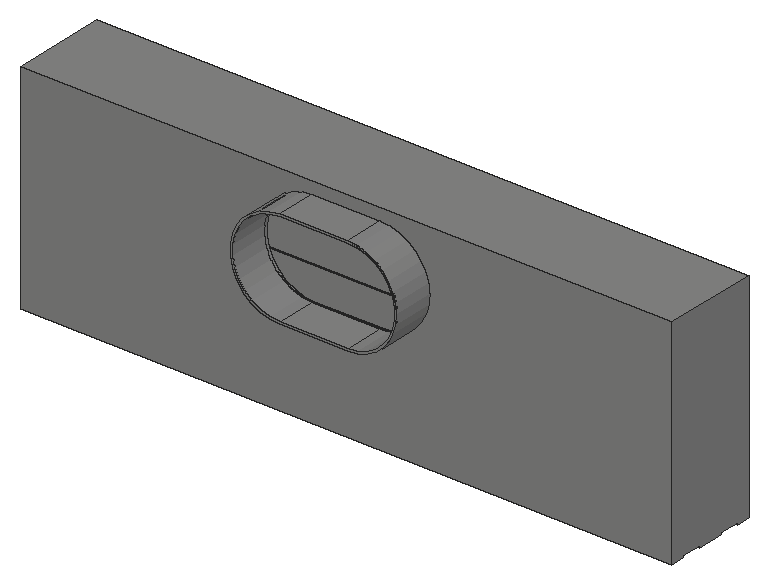
Revit family "Diffuser-Carnes-DASD-w-Center _T-2_Slot", category Duct Accessories, host Face, Revit 2012
Parameters (values of type "See Type Catalog")
  Supply Connector = yes
  Supply Connection = "Diffuser Supply Connector"  # constant formula
  Subcatagory = "Air Distribution"  # constant formula
  Specification Sheet = "http://www.carnes.com/AirDistribution/pdf/18643.pdf"
  Product Page URL = "http://www.carnes.com/AirDistribution/dasd.phtml"
  Half Inlet Width = Inlet Nominal Size Width / 2  # 3"
  Length = 24"
  Flow = 0 CFM
  Duct Width = Inlet Nominal Size Width  # 6"
  Duct Height = Inlet Nominal Size Height D  # 3 1/2"
  Description = "Plenum Slot Diffusers"  # constant formula
  Depth = (Slot Opening A * 2) + 2"  # 3 1/2"
  Height C = 8"
  URL = "http://www.carnes.com/"
  Model = "DASD"  # constant formula
  Unit = Metal - Carnes - Steel Galvanized
  Manufacturer = "CARNES COMPANY"  # constant formula
  Default Elevation = 0"
  Inlet Nominal Size Height D = if(Inlet Nominal Size Width > 6", 5 1/4", 3 1/2")  # 3 1/2"
  Inlet Nominal Size Width = 6"
  Catalog = "http://www.carnes.com/AirDistribution/pdf/a173-205.pdf"
  Assembly Code = ""
  Slot Opening A = 3/4"
  95 CSI = ""
  04 CSI = ""
Reference planes (in)
  plane 1 "Center (Front/Back)": y = 0
  plane 2: z = 0
  plane 3 "Center (Left/Right)": x = 0.94
  plane 4: x = -11.06
  plane 5: x = 12.94
  plane 6: z = 8
  plane 7: z = 7.5
  plane 8: z = 4
  plane 9: x = -10.81
  plane 10: x = 12.69
  plane 11: z = -1.25
Dimensions and locks (in)
  equal spacing: plane 4, plane 3 "Center (Left/Right)", plane 5
  "Length": plane 4 to plane 5
  "Height C": plane 6 to plane 2
  locked: plane 6 to plane 7 at 0.5
  "Inlet Nominal Size Height D": plane 7 to plane 8
  locked: plane 9 to plane 4 at 0.25
  locked: plane 10 to plane 5 at 0.25
  locked: plane 2 to plane 11 at 1.25
  aligned and locked: plane 2 to host face
  aligned and locked: level to host face
  aligned and locked: plane 3 "Center (Left/Right)" to nested 1
  aligned and locked: plane 1 "Center (Front/Back)" to nested 1
Automatic sketch dimensions
  host sketch curve to host sketch curve = 96"  (x2)
Nested families (in)
  nested 1: "Plenum_Slot-Diffuser" at (0, 0, 0), type "Parameteric"
Connectors (in)
  hvac at (0.94, -3.25, 5.75), driven by "Duct Height", driven by "Duct Width", driven by "Flow", driven by "Supply Connector", driven by "Supply Connection"
    settings: on nested 1, index 1, duct flow 0 CFM, flow factor 0, pres drop 0.00 in-wg, loss coef 0, conn angle 0.00°, conn width 6", conn height 3 1/2", conn radius 12", duct sys type 1, conn prof type 2, flow config 0, flow direction 1, loss method 0, conn ref index -1, conn util yes, is conn primary yes, conn desc "Diffuser Supply Connector"
Definition of nested family "Plenum_Slot-Diffuser"
  Parameters (values of type "See Type Catalog")
    Half Inlet Width = Inlet Nominal Size Width / 2  # 3"
    Length = 24"
    Depth = (Slot Opening A * 2) + 2"  # 3 1/2"
    Height C = 8"
    URL = ""
    Model = "DARD"  # constant formula
    Unit = Metal - Carnes - Steel Galvanized
    Manufacturer = ""
    Default Elevation = 0"
    Inlet Nominal Size Height D = if(Inlet Nominal Size Width > 6", 5 1/4", 3 1/2")  # 3 1/2"
    Inlet Nominal Size Width = 6"
    Assembly Code = ""
    Slot Opening A = 3/4"
    95 CSI = ""
    04 CSI = ""
  Reference planes (in)
    plane 1 "Center (Front/Back)": y = 0
    plane 2: z = 0
    plane 3 "Center (Left/Right)": x = 0.94
    plane 4: x = -11.06
    plane 5: x = 12.94
    plane 6: z = 8
    plane 7: z = 7.5
    plane 8: z = 4
    plane 9: x = -10.81
    plane 10: x = 12.69
    plane 11: z = -1.25
  Forms (in)
    Extrusion 1, solid
      sketch origin (0, 0, 0) x (1, 0, 0) y (0, 1, 0)
        loop
          line (-48, 48) -> (-48, -48) -> (48, -48) -> (48, 48) -> (-48, 48)
      from 0 to -1
    Sweep 2, solid, material "Metal - Carnes - Steel Galvanized" <- "Unit"
      path origin (0, 0, 0) x (1, 0, 0) y (0, 1, 0)
        loop
          line (-11.06, 0) -> (12.94, 0)
      profile origin (0.94, 0, 0) x (0, 1, 0) y (0, 0, 1)
        loop
          line (1.75, 8) -> (-1.75, 8) -> (-1.75, 0) -> (-1.25, 0) -> (-1.25, 0.0625) -> (-1.6875, 0.0625) -> (-1.6875, 7.9375) -> (1.6875, 7.9375) -> (1.6875, 0.0625) -> (1.25, 0.0625) -> (1.25, 0) -> (1.75, 0) -> (1.75, 8)
        loop
          line (0.03125, 4) -> (-0.03125, 4) -> (-0.03125, 0.0625) -> (-0.5, 0.0625) -> (-0.5, 0) -> (0.5, 0) -> (0.5, 0.0625) -> (0.03125, 0.0625) -> (0.03125, 4)
    Extrusion 3, solid, material "Metal - Carnes - Steel Galvanized" <- "Unit"
      sketch origin (-11.06, -1.75, 0) x (1, 0, 0) y (0, 0, 1)
        loop
          arc (10.75, 7.5) -> (9, 5.75) -> (10.75, 4) r 1.75
          line (10.75, 4) -> (13.25, 4)
          arc (13.25, 4) -> (15, 5.75) -> (13.25, 7.5) r 1.75
          line (13.25, 7.5) -> (10.75, 7.5)
        loop
          arc (10.75, 7.5625) -> (8.9375, 5.75) -> (10.75, 3.9375) r 1.8125
          line (10.75, 3.9375) -> (13.25, 3.9375)
          arc (13.25, 3.9375) -> (15.0625, 5.75) -> (13.25, 7.5625) r 1.8125
          line (13.25, 7.5625) -> (10.75, 7.5625)
      from 0 to 1.5
    Extrusion 4, solid, material "Metal - Carnes - Steel Galvanized" <- "Unit"
      sketch origin (12.69, 0, 0) x (0, 0, 1) y (0, -1, 0)
        loop
          line (7.9375, -1.6875) -> (7.9375, 1.6875) -> (0.0625, 1.6875) -> (0.0625, -1.6875) -> (7.9375, -1.6875)
      from 0 to 0.25
    Extrusion 5, solid, material "Metal - Carnes - Steel Galvanized" <- "Unit"
      sketch origin (-10.81, 0, 0) x (0, -1, 0) y (0, 0, 1)
        loop
          line (-1.6875, 0.0625) -> (1.6875, 0.0625) -> (1.6875, 7.9375) -> (-1.6875, 7.9375) -> (-1.6875, 0.0625)
      from 0 to 0.25
    Extrusion 6, void
      sketch origin (0, 0, 0) x (1, 0, 0) y (0, 0, 1)
        loop
          line (-0.31, 4) -> (2.19, 4)
          arc (2.19, 4) -> (3.94, 5.75) -> (2.19, 7.5) r 1.75
          line (2.19, 7.5) -> (-0.31, 7.5)
          arc (-0.31, 7.5) -> (-2.06, 5.75) -> (-0.31, 4) r 1.75
      from 1.4375 to 1.75
    Extrusion 7, void
      sketch origin (0, 0, 0) x (1, 0, 0) y (0, 1, 0)
        loop
          line (12.94, 1.75) -> (-11.06, 1.75) -> (-11.06, -1.75) -> (12.94, -1.75) -> (12.94, 1.75)
      from -1.25 to 0
  Cuts and joins
    Extrusion 6, Extrusion 7 cuts Sweep 2
    Extrusion 6, Extrusion 7 cuts Extrusion 4
    Extrusion 6, Extrusion 7 cuts Extrusion 5
    joined: Sweep 2, Extrusion 4, Extrusion 5
    Extrusion 6, Extrusion 7 cuts Extrusion 3
  Lines and regions (in)
    symbolic lines, style "Diffuser"
      curve 1: line (12.94, 1.75, 0) -> (-11.06, 1.75, 0)
      curve 2: line (-11.06, -1.75, 0) -> (-11.06, 1.75, 0)
      curve 3: line (-11.06, -1.75, 0) -> (12.94, -1.75, 0)
      curve 4: line (12.94, -1.75, 0) -> (12.94, 1.75, 0)
      curve 5: line (-2.1225, -3.25, 0) -> (4.0025, -3.25, 0)
      curve 6: line (-2.1225, -3.25, 0) -> (-2.1225, -1.75, 0)
      curve 7: line (4.0025, -3.25, 0) -> (4.0025, -1.75, 0)
  Dimensions and locks (in)
    equal spacing: plane 4, plane 3 "Center (Left/Right)", plane 5
    "Length": plane 4 to plane 5
    "Height C": plane 6 to plane 2
    locked: plane 6 to Sweep 2 sketch curve at 0.0625
    locked: Sweep 2 sketch curve to Sweep 2 sketch curve at 0.0625  (x2)
    locked: Sweep 2 sketch curve to plane 2 at 0.0625  (x2)
    locked: Sweep 2 sketch curve to Sweep 2 sketch curve at 0.5  (x2)
    equal spacing: Sweep 2 sketch curve, plane 1 "Center (Front/Back)", Sweep 2 sketch curve  (x2)
    locked: plane 6 to plane 7 at 0.5
    "Inlet Nominal Size Height D": plane 7 to plane 8
    Sweep 2 sketch curve to plane 1 "Center (Front/Back)" to Sweep 2 sketch curve = 1/32" locked, 1/32" locked
    locked: Sweep 2 sketch curve to Sweep 2 sketch curve at 1
    "Slot Opening A": Sweep 2 sketch curve to Sweep 2 sketch curve
    Sweep 2 sketch curve to Sweep 2 sketch curve = 3/4"
    equal spacing: cut or joined group of Sweep 2, Extrusion 4, Extrusion 5, Extrusion 6, Extrusion 7, plane 1 "Center (Front/Back)", cut or joined group of Sweep 2, Extrusion 4, Extrusion 5, Extrusion 6, Extrusion 7
    cut or joined group of Sweep 2, Extrusion 4, Extrusion 5, Extrusion 6, Extrusion 7 to cut or joined group of Sweep 2, Extrusion 4, Extrusion 5, Extrusion 6, Extrusion 7 = 3 1/2"
    cut or joined group of Sweep 2, Extrusion 4, Extrusion 5, Extrusion 6, Extrusion 7 to cut or joined group of Sweep 2, Extrusion 4, Extrusion 5, Extrusion 6, Extrusion 7 = 1/2"  (x2)
    cut or joined group of Sweep 2, Extrusion 4, Extrusion 5, Extrusion 6, Extrusion 7 to cut or joined group of Sweep 2, Extrusion 4, Extrusion 5, Extrusion 6, Extrusion 7 = 3/4"  (x2)
    cut or joined group of Sweep 2, Extrusion 4, Extrusion 5, Extrusion 6, Extrusion 7 to cut or joined group of Sweep 2, Extrusion 4, Extrusion 5, Extrusion 6, Extrusion 7 = 1"
    "Half Inlet Width": Extrusion 3 sketch curve to plane 3 "Center (Left/Right)"
    "Half Inlet Width": plane 3 "Center (Left/Right)" to Extrusion 3 sketch curve
    locked: plane 9 to plane 4 at 0.25
    locked: plane 10 to plane 5 at 0.25
    "Half Inlet Width": plane 3 "Center (Left/Right)" to Extrusion 6 sketch curve
    "Half Inlet Width": Extrusion 6 sketch curve to plane 3 "Center (Left/Right)"
    locked: plane 2 to plane 11 at 1.25
    aligned and locked: plane 2 to Extrusion 1
    aligned and locked: level to Extrusion 1
    aligned and locked: plane 5 to Sweep 2 sketch curve
    aligned and locked: plane 4 to Sweep 2 sketch curve
    aligned and locked: plane 1 "Center (Front/Back)" to Sweep 2 sketch curve
    aligned and locked: plane 6 to Sweep 2 sketch curve
    aligned and locked: plane 2 to Sweep 2 sketch curve  (x2)
    aligned and locked: plane 8 to Sweep 2 sketch curve
    aligned and locked: Extrusion 3 sketch curve to plane 7
    aligned and locked: plane 8 to Extrusion 3 sketch curve
    aligned and locked: Extrusion 4 sketch curve to cut or joined group of Sweep 2, Extrusion 4, Extrusion 5, Extrusion 6, Extrusion 7  (x3)
    aligned and locked: plane 10 to Extrusion 4
    aligned and locked: Extrusion 4 to plane 5
    aligned and locked: Extrusion 5 sketch curve to cut or joined group of Sweep 2, Extrusion 4, Extrusion 5, Extrusion 6, Extrusion 7  (x3)
    aligned and locked: plane 9 to Extrusion 5
    aligned and locked: Extrusion 5 to plane 4
    aligned and locked: Sweep 2 to Extrusion 6
    aligned and locked: plane 5 to Extrusion 7 sketch curve
    aligned and locked: Extrusion 7 sketch curve to cut or joined group of Sweep 2, Extrusion 4, Extrusion 5, Extrusion 6, Extrusion 7  (x2)
    aligned and locked: Extrusion 7 sketch curve to plane 4
    aligned and locked: plane 11 to Extrusion 7
    aligned and locked: plane 2 to Extrusion 7
    aligned and locked: curve 1 to cut or joined group of Sweep 2, Extrusion 4, Extrusion 5, Extrusion 6, Extrusion 7
    aligned and locked: curve 2 to cut or joined group of Sweep 2, Extrusion 4, Extrusion 5, Extrusion 6, Extrusion 7
    aligned and locked: curve 3 to cut or joined group of Sweep 2, Extrusion 4, Extrusion 5, Extrusion 6, Extrusion 7
    aligned and locked: curve 4 to cut or joined group of Sweep 2, Extrusion 4, Extrusion 5, Extrusion 6, Extrusion 7
    aligned and locked: curve 5 to cut or joined group of Extrusion 3, Extrusion 6, Extrusion 7
  Automatic sketch dimensions
    Extrusion 1 sketch curve to Extrusion 1 sketch curve = 96"  (x2)
    Sweep 2 sketch curve to level = 0"
    Sweep 2 sketch curve to Sweep 2 sketch curve = 0"
    level to Sweep 2 sketch curve = 1/16"
    Extrusion 3 sketch curve to Extrusion 3 sketch curve = 0"  (x3)
    Extrusion 3 sketch curve to Extrusion 3 sketch curve = 1/16"
    Extrusion 6 sketch curve to plane 8 = 0"
    Extrusion 6 sketch curve to plane 7 = 0"
    curve 5 to plane 3 "Center (Left/Right)" = 3 1/16"
    plane 3 "Center (Left/Right)" to curve 7 = 3 1/16"
    curve 6 to curve 6 = 1 1/2"
    Extrusion 4 sketch curve to plane 6 = 1/16"
    Extrusion 5 sketch curve to plane 6 = 1/16"
Types in the file's own list only (24): name | Length | Duct Height | Depth | Height C | Slot Opening A
  DASD 24 x 8 x3/4 | 24" | 4" | 3 1/2" | 8" | 3/4"
  DASD 24 x 11 x3/4 | 24" | 4" | 3 1/2" | 11" | 3/4"
  DASD 24 x 8 x1 | 24" | 4" | 4" | 8" | 1"
  DASD 24 x 11 x1 | 24" | 4" | 4" | 11" | 1"
  DASD 24 x 8 x1.5 | 24" | 4" | 5" | 8" | 1 1/2"
  DASD 24 x 11 x1.5 | 24" | 4" | 5" | 11" | 1 1/2"
  DASD 30 x 8 x3/4 | 30" | 4" | 3 1/2" | 8" | 3/4"
  DASD 30 x 11 x3/4 | 30" | 4" | 3 1/2" | 11" | 3/4"
  DASD 30 x 8 x1 | 30" | 4" | 4" | 8" | 1"
  DASD 30 x 11 x1 | 30" | 4" | 4" | 11" | 1"
  DASD 30 x 8 x1.5 | 30" | 4" | 5" | 8" | 1 1/2"
  DASD 30 x 11 x1.5 | 30" | 4" | 5" | 11" | 1 1/2"
  DASD 48 x 8 x3/4 | 48" | 4" | 3 1/2" | 8" | 3/4"
  DASD 48 x 11 x3/4 | 48" | 4" | 3 1/2" | 11" | 3/4"
  DASD 48 x 8 x1 | 48" | 4" | 4" | 8" | 1"
  DASD 48 x 11 x1 | 48" | 4" | 4" | 11" | 1"
  DASD 48 x 8 x1.5 | 48" | 4" | 5" | 8" | 1 1/2"
  DASD 48 x 11 x1.5 | 48" | 4" | 5" | 11" | 1 1/2"
  DASD 60 x 8 x3/4 | 60" | 4" | 3 1/2" | 8" | 3/4"
  DASD 60 x 11 x3/4 | 60" | 4" | 3 1/2" | 11" | 3/4"
  DASD 60 x 8 x1 | 60" | 4" | 4" | 8" | 1"
  DASD 60 x 11 x1 | 60" | 4" | 4" | 11" | 1"
  DASD 60 x 8 x1.5 | 60" | 4" | 5" | 8" | 1 1/2"
  DASD 60 x 11 x1.5 | 60" | 4" | 5" | 11" | 1 1/2"
